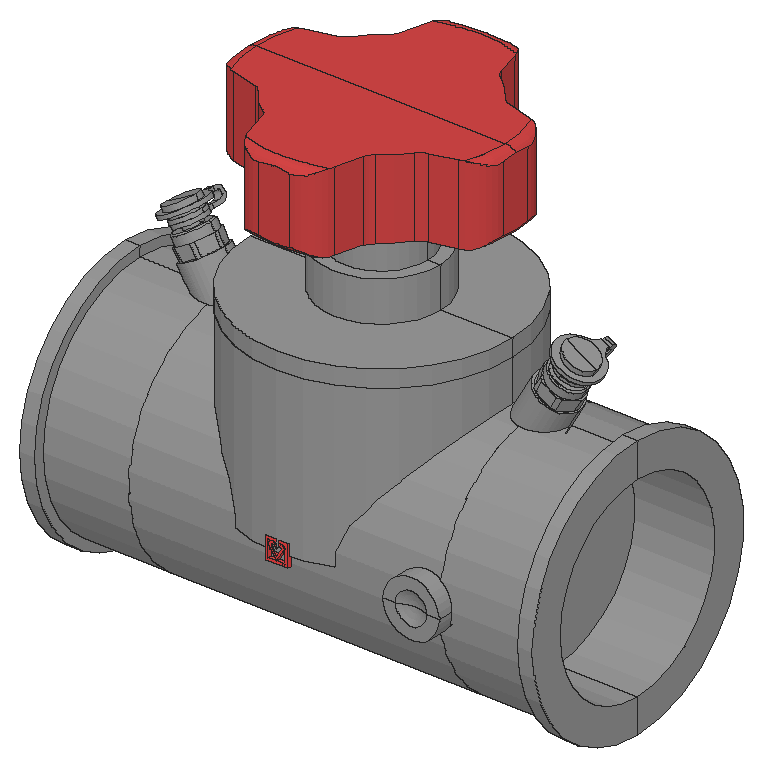
Revit family "HERZ Strömax клапан балансировочный с измерительными клапанами 4217 GM", category Rohrzubehör, Revit 2020
Family settings
  Bemaßung runder Anschluss = Durchmesser verwenden
  Teiletyp = Unterbricht
  OmniClass-Nummer = 23.65.55.14
  OmniClass-Titel = Valves for Liquid Services
  Arbeitsebenenbasiert = Nein
  Immer vertikal = Ja
  Beim Laden mit Abzugskörper schneiden = Nein
  Gemeinsam genutzt = Nein
Parameters
  Среда = "Качество теплоносителя в соответствии с ÖNORM H5195 и VDI 2035.\r\nДопускается использование этилен- и пропиленгликоля в соотношении 25-50% с водой."
  Положение клапана при монтаже = "Неподнимающийся шпиндель, расположенный перпендикулярно оси клапана, обеспечивает доступность и лёгкость в обслуживании в любом монтажном положении."
  Область применения = "Балансировочные клапаны применяются для гидравлической балансировки систем отопления и охлаждения, регулировки магистральных трубопроводов, стояков, теплообменников, регистров отопления и охлаждения."
  Номер заказа [instance] = size_lookup("4217_GM_", "Artnr", 0, Nennweite)  # 1421708
  Макс. рабочее давление = 1600000.0 Pa  # constant formula
  Макс. рабочая температура (с DN40) = 110 °C  # constant formula
  Макс. рабочая температура (до DN32) = 130 °C  # constant formula
  Корпус = "латунь, устойчивая к селективной цинковой коррозии"  # constant formula
  Исполнение = "STRÖMAX-GM Балансировочный клапан с измерительными клапанами, 1/2′′ – 3′′.\r\nИсполнение с прямым невыдвижным шпинделем, муфта х муфта, латунный корпус без покрытия, уплотнение шпинделя двойным кольцевым уплотнением O-Ring, преднастройка посредством ограничения хода внутреннего шпинделя, цифровые показания степени настройки отображаются в окне маховика.\r\nДва измерительных клапана расположены рядом с маховиком."
  Измерение перепада давления = "Клапаны STRÖMAX-GM оснащен двумя измерительными клапанами:\r\nс помощью измерительного прибора можно измерить перепад давления и по нему определить текущий расход в зависимости от степени преднастройки.\r\nHERZ Измерительный компьютер (1 8900 05) позволяет напрямую считывать расход (см. руководство к измерительным приборам)."
  kvs-значения [instance] = if(Nennweite = 15.00 mm, 6.05, if(Nennweite = 20.00 mm, 6.11, if(Nennweite = 25.00 mm, 9.22, if(Nennweite = 32.00 mm, 18.83, if(Nennweite = 40.00 mm, 23.29, if(Nennweite = 50.00 mm, 35.26, if(Nennweite = 65.00 mm, 52.11, if(Nennweite = 80.00 mm, 76.1, 0))))))))  # 76.1
  W02 = 60.00°  # constant formula
  W01 = 30.00°  # constant formula
  Vorgabe-Ansicht = 0.00 mm
  URL = "www.herz-armaturen.ru"
  SC_NennweiteBerechnet = 0
  SC_Dimension = ""
  SCRNSEQ = "ARM;ARM_TYP=\"STRV\";2"
  SCRNCODE = "05;07;02"  # constant formula
  S02 = 60.00 mm  # constant formula
  S01 [instance] = H00 + H01  # 119.31 mm
  R01 [instance] = size_lookup("4217_GM_", "R1", 1.00 mm, Nennweite)  # 53.00 mm
  Nennweite [instance] = 80.00 mm
  ML02 [instance] = size_lookup("4217_GM_", "ML2", 1.00 mm, Nennweite)  # 70.50 mm
  ML01 [instance] = size_lookup("4217_GM_", "ML1", 1.00 mm, Nennweite)  # 37.35 mm
  MD01 = 9.50 mm  # constant formula
  L02 [instance] = size_lookup("4217_GM_", "L2", 1.00 mm, Nennweite)  # 6.00 mm
  L01 [instance] = size_lookup("4217_GM_", "L1", 1.00 mm, Nennweite)  # 41.30 mm
  L00 [instance] = size_lookup("4217_GM_", "L", 1.00 mm, Nennweite)  # 210.00 mm
  IG [instance] = Nennweite / 2  # 40.00 mm
  Hersteller = "HERZ Armaturen Ges.m.b.H."  # constant formula
  H04 [instance] = size_lookup("4217_GM_", "H4", 1.00 mm, Nennweite)  # 19.00 mm
  H03 = 10.00 mm  # constant formula
  H02 [instance] = size_lookup("4217_GM_", "H2", 1.00 mm, Nennweite)  # 7.00 mm
  H01 [instance] = size_lookup("4217_GM_", "H1", 1.00 mm, Nennweite)  # 52.60 mm
  H00 [instance] = size_lookup("4217_GM_", "H", 1.00 mm, Nennweite)  # 66.71 mm
  Вес [instance] = if(Nennweite = 15.00 mm, "0.85 kg", if(Nennweite = 20.00 mm, "1.22 kg", if(Nennweite = 25.00 mm, "1.55 kg", if(Nennweite = 32.00 mm, "1.88 kg", if(Nennweite = 40.00 mm, "2.34 kg", if(Nennweite = 50.00 mm, "3.74 kg", if(Nennweite = 65.00 mm, "5.23 kg", if(Nennweite = 80.00 mm, "6.97 kg", "0 kg"))))))))  # "6.97 kg"
  GT [instance] = size_lookup("4217_GM_", "GT", 1.00 mm, Nennweite)  # 33.30 mm
  DN80 [instance] = Nennweite = 80.00 mm  # yes
  DN65 [instance] = Nennweite = 65.00 mm  # no
  DN50_DN80 [instance] = or(Nennweite = 50.00 mm, Nennweite = 65.00 mm, Nennweite = 80.00 mm)  # yes
  DN50-DN80 [instance] = H00 + H01  # 119.31 mm
  DN50 [instance] = Nennweite = 50.00 mm  # no
  DN40 [instance] = Nennweite = 40.00 mm  # no
  DN32 [instance] = Nennweite = 32.00 mm  # no
  DN25 [instance] = Nennweite = 25.00 mm  # no
  DN20 [instance] = Nennweite = 20.00 mm  # no
  DN15_DN40 [instance] = or(Nennweite = 15.00 mm, Nennweite = 20.00 mm, Nennweite = 25.00 mm, Nennweite = 32.00 mm, Nennweite = 40.00 mm)  # no
  DN15-DN40 [instance] = H00 + H01  # 119.31 mm
  DN15 [instance] = Nennweite = 15.00 mm  # no
  D06 [instance] = size_lookup("4217_GM_", "D6", 1.00 mm, Nennweite)  # 24.30 mm
  D05 [instance] = size_lookup("4217_GM_", "D5", 1.00 mm, Nennweite)  # 19.00 mm
  D04 = 9.00 mm  # constant formula
  D03 [instance] = size_lookup("4217_GM_", "D3", 1.00 mm, Nennweite)  # 53.80 mm
  D02 [instance] = size_lookup("4217_GM_", "D2", 1.00 mm, Nennweite)  # 54.00 mm
  D01 [instance] = size_lookup("4217_GM_", "D1", 1.00 mm, Nennweite)  # 50.00 mm
Reference planes
  plane 1 "Mitte (Vorne/hinten)": y = 0
  plane 2: z = 0
  plane 3 "Mitte (Links/rechts)": x = 0
Forms (mm)
  Revolve 1, solid, material "Messing, weicher Gelbton, geschweißt", detail levels fine
    sketch origin (0, 0, 0) x (1, 0, 0) y (0, 0, 1)
      loop
        line (-105, 54) -> (-105, 40) -> (-71.7, 40) -> (-71.7, 0) -> (71.7, 0) -> (71.7, 40) -> (105, 40) -> (105, 54) -> (99, 54) -> (99, 50) -> (63.7, 50)
        arc (63.7, 50) -> (0, 53) -> (-63.7, 50) r 677.782
        line (-63.7, 50) -> (-99, 50) -> (-99, 54) -> (-105, 54)
      axis (-105, 0) -> (105, 0)
    angle from 0 to 360
  Revolve 2, solid, material "Messing, weicher Gelbton, geschweißt", detail levels fine
    sketch origin (0, 0, 0) x (1, 0, 0) y (0, 0, 1)
      loop
        line (37.35, 0) -> (72.6, 61.055) -> (64.373, 65.805) -> (29.123, 4.75) -> (37.35, 0)
      axis (37.35, 0) -> (72.6, 61.055)
    angle from 0 to 360
  Revolve 3, solid, material "Messing, weicher Gelbton, geschweißt", detail levels fine
    sketch origin (0, 0, 0) x (1, 0, 0) y (0, 0, 1)
      loop
        line (0, 0) -> (0, 66.71) -> (-53.8, 66.71) -> (-53.8, 0) -> (0, 0)
      axis (0, 66.71) -> (0, 0)
    angle from 0 to 360
  Revolve 4, solid, material "Messing, weicher Gelbton, geschweißt", detail levels fine
    sketch origin (0, 0, 0) x (-1, 0, 0) y (0, 0, 1)
      loop
        line (37.35, 0) -> (72.6, 61.055) -> (64.373, 65.805) -> (29.123, 4.75) -> (37.35, 0)
      axis (37.35, 0) -> (72.6, 61.055)
    angle from 0 to 360
  Revolve 5, solid, material "Messing, weicher Gelbton, geschweißt", visible <- "DN65", detail levels fine
    sketch origin (0, 0, 0) x (1, 0, 0) y (0, 1, 0)
      loop
        line (60, 47.945) -> (60, -47.945)
        arc (60, -47.945) -> (63.368, -48.598) -> (66.5, -50) r 15
        line (66.5, -50) -> (71.5, -50) -> (71.5, 50) -> (66.5, 50)
        arc (66.5, 50) -> (63.368, 48.598) -> (60, 47.945) r 15
      axis (60, 50) -> (60, -50)
    angle from 0 to 360
  Revolve 6, solid, material "Messing, weicher Gelbton, geschweißt", detail levels fine
    sketch origin (0, 0, 0) x (1, 0, 0) y (0, 0, 1)
      loop
        line (0, 66.71) -> (0, 119.31) -> (-9, 119.31) -> (-9, 109.31) -> (-19, 109.31) -> (-19, 90.31) -> (-24.3, 90.31) -> (-24.3, 73.71) -> (-53.8, 73.71) -> (-53.8, 66.71) -> (0, 66.71)
      axis (0, 119.31) -> (0, 66.71)
    angle from 0 to 360
  Revolve 7, solid, material "Messing, weicher Gelbton, geschweißt", visible <- "DN80", detail levels fine
    sketch origin (0, 0, 0) x (1, 0, 0) y (0, 1, 0)
      loop
        line (57, 53.945) -> (57, -53.945)
        arc (57, -53.945) -> (60.368, -54.598) -> (63.5, -56) r 15
        line (63.5, -56) -> (68.5, -56) -> (68.5, 56) -> (63.5, 56)
        arc (63.5, 56) -> (60.368, 54.598) -> (57, 53.945) r 15
      axis (57, 56) -> (57, -56)
    angle from 0 to 360
Lines and regions (mm)
  model lines, detail levels coarse+medium
    curve 1: line (-105, 0, 54) -> (-105, 0, -54)
    curve 2: line (-105, 0, -54) -> (105, 0, 54)
    curve 3: line (105, 0, 54) -> (105, 0, -54)
    curve 4: line (105, 0, -54) -> (-105, 0, 54)
    curve 5: line (0, 0, 0) -> (68.884, 0, 119.31)
    curve 6: line (42.903, 0, 134.31) -> (94.864, 0, 104.31)
    curve 7: line (-105, 54, 0) -> (-105, -54, 0)
    curve 8: line (-105, -54, 0) -> (105, 54, 0)
    curve 9: line (105, 54, 0) -> (105, -54, 0)
    curve 10: line (105, -54, 0) -> (-105, 54, 0)
    curve 11: line (0, 0, 0) -> (68.884, 119.31, 0)
    curve 12: line (42.903, 134.31, 0) -> (94.864, 104.31, 0)
Dimensions and locks
  "IG": Revolve 1 sketch curve to plane 2
  "GT": Revolve 1 sketch curve to Revolve 1 sketch curve  (x2)
  "IG": Revolve 1 sketch curve to Revolve 1 sketch curve
  "D01": Revolve 1 sketch curve to Revolve 1 sketch curve  (x2)
  "R01": Revolve 1 sketch curve to Revolve 1 sketch curve
  "L02": Revolve 1 sketch curve to Revolve 1 sketch curve  (x2)
  "L01": Revolve 1 sketch curve to Revolve 1 sketch curve  (x2)
  "D02": Revolve 1 sketch curve to plane 2  (x2)
  equal spacing: Revolve 1 sketch curve, plane 3 "Mitte (Links/rechts)", Revolve 1 sketch curve
  "L00": Revolve 1 sketch curve to Revolve 1 sketch curve
  "R01": nested 1 to plane 1 "Mitte (Vorne/hinten)"
  "ML01": Revolve 2 sketch curve to plane 3 "Mitte (Links/rechts)"
  "H00": Revolve 3 sketch curve to plane 2
  "D03": Revolve 3 sketch curve to Revolve 3 sketch curve
  "ML02": Revolve 2 sketch curve to Revolve 2 sketch curve
  "MD01": Revolve 2 sketch curve to Revolve 2 sketch curve  (x2)
  "ML02": Revolve 4 sketch curve to Revolve 4 sketch curve
  "MD01": Revolve 4 sketch curve to Revolve 4 sketch curve  (x2)
  "ML01": plane 3 "Mitte (Links/rechts)" to Revolve 4 sketch curve
  Revolve 5 sketch curve to Revolve 1 = 45.00 mm
  Revolve 5 sketch curve to Revolve 5 sketch curve = 11.50 mm  (x2)
  Revolve 5 sketch curve to plane 1 "Mitte (Vorne/hinten)" to Revolve 5 sketch curve = 50.00 mm, 50.00 mm
  "H00": Revolve 6 sketch curve to plane 2
  "H01": Revolve 6 sketch curve to Revolve 6 sketch curve
  "D04": Revolve 6 sketch curve to Revolve 6 sketch curve
  "D03": Revolve 6 sketch curve to Revolve 6 sketch curve
  "D05": Revolve 6 sketch curve to Revolve 6 sketch curve
  "D06": Revolve 6 sketch curve to Revolve 6 sketch curve
  "H02": Revolve 6 sketch curve to Revolve 6 sketch curve
  "H03": Revolve 6 sketch curve to Revolve 6 sketch curve
  "H04": Revolve 6 sketch curve to Revolve 6 sketch curve
  Revolve 7 sketch curve to Revolve 1 = 48.00 mm
  Revolve 7 sketch curve to Revolve 7 sketch curve = 11.50 mm  (x2)
  Revolve 7 sketch curve to plane 1 "Mitte (Vorne/hinten)" to Revolve 7 sketch curve = 56.00 mm, 56.00 mm
  "DN15-DN40": nested 2 to plane 2
  "DN50-DN80": nested 3 to plane 2
  "D02": curve 4 to plane 2 to curve 2
  "D02": curve 3 to plane 2 to curve 4
  equal spacing: curve 1, plane 3 "Mitte (Links/rechts)", curve 3
  "L00": curve 1 to curve 3
  equal spacing: Revolve 1, curve 5, Revolve 1
  "S01": curve 5 to plane 2
  equal spacing: curve 6, curve 5, curve 6
  "S02": curve 6 to curve 6
  "D02": curve 8 to plane 1 "Mitte (Vorne/hinten)" to curve 10
  "D02": curve 10 to plane 1 "Mitte (Vorne/hinten)" to curve 9
  equal spacing: curve 7, plane 3 "Mitte (Links/rechts)", curve 9
  "L00": curve 7 to curve 9
  equal spacing: curve 7, curve 11, curve 9
  "S01": plane 1 "Mitte (Vorne/hinten)" to curve 11
  equal spacing: curve 12, curve 11, curve 12
  "S02": curve 12 to curve 12
  radius of Revolve 5 sketch curve = 15.00 mm  (x2)
  radius of Revolve 7 sketch curve = 15.00 mm  (x2)
  "W01": angle Revolve 2 sketch curve to plane 3 "Mitte (Links/rechts)"  (x2)
  "W01": angle plane 3 "Mitte (Links/rechts)" to Revolve 4 sketch curve  (x2)
  "W02": angle plane 2 to curve 5
  "W02": angle plane 1 "Mitte (Vorne/hinten)" to curve 11
  aligned and locked: level to plane 2
Automatic sketch dimensions
  Revolve 5 sketch curve to Revolve 5 sketch curve = 1.153 mm  (x2)
  Revolve 5 sketch curve to Revolve 5 sketch curve = 5.00 mm  (x2)
  Revolve 5 sketch curve to Revolve 5 sketch curve = 2.854 mm  (x2)
  Revolve 7 sketch curve to Revolve 7 sketch curve = 1.153 mm  (x2)
  Revolve 7 sketch curve to Revolve 7 sketch curve = 5.00 mm  (x2)
  Revolve 7 sketch curve to Revolve 7 sketch curve = 8.854 mm  (x2)
  Revolve 1 sketch curve to level = 0.00 mm  (x2)
  Revolve 1 sketch curve to Revolve 1 sketch curve = 1429.986 mm
  Revolve 1 sketch curve to Revolve 1 sketch curve = 1762.604 mm
  Revolve 2 sketch curve to level = 0.00 mm  (x2)
  Revolve 3 sketch curve to level = 0.00 mm
  Revolve 3 sketch curve to plane 3 "Mitte (Links/rechts)" = 0.00 mm  (x2)
  Revolve 3 sketch curve to Revolve 3 sketch curve = 366.045 mm
  Revolve 3 sketch curve to Revolve 3 sketch curve = 2179.415 mm
  Revolve 4 sketch curve to level = 0.00 mm  (x2)
  Revolve 6 sketch curve to plane 3 "Mitte (Links/rechts)" = 0.00 mm  (x2)
  Revolve 6 sketch curve to level = 366.045 mm
  Revolve 6 sketch curve to Revolve 6 sketch curve = 2146.115 mm
Nested families
  nested 1: "Herz-Logo-vorne" at (0, -53, 0) x (0, 1, 0) z (0, 0, 1), type "Herz-Logo-vorne", detail levels fine
  nested 2: "Strangregulierventil-Handrad-Gerade (Rot) DN15-DN40" at (0, 0, 119.31), visible <- "DN15_DN40", type "Strangregulierventil-Handrad-Gerade (Rot) DN15-DN40", detail levels fine
    with Nennweite 0.00 mm, Gewicht 0.00 kg, Bestellnummer 0
  nested 3: "Strangregulierventil-Handrad-Gerade (Rot) DN50-DN80" at (0, 0, 119.31), visible <- "DN50_DN80", type "Strangregulierventil-Handrad-Gerade (Rot) DN50-DN80", detail levels fine
    with Nennweite 0.00 mm, Gewicht 0.00 kg, Bestellnummer 0
  nested 4: "Messstutzen_Band_Austritt_30Grad_(oben)" at (47.24, 0, 34.901), visible <- "DN50", type "Messstutzen_Band_Austritt_30Grad_(oben)", detail levels fine
    with Schutzkappe yes, Nennweite 0.00 mm, Gewicht 0.00 kg, Bestellnummer 0
  nested 5: "Messstutzen_Band_Eintritt_30Grad_(oben)" at (-47.24, 0, 34.901) x (-1, 0, 0) z (0, 0, 1), visible <- "DN50", type "Messstutzen_Band_Eintritt_30Grad_(oben)", detail levels fine
    with Schutzkappe yes, Nennweite 0.00 mm, Gewicht 0.00 kg, Bestellnummer 0
  nested 6: "Messstutzen_Band_Austritt_30Grad_(oben)" at (27.02, 0, 10.999), visible <- "DN15", type "Messstutzen_Band_Austritt_30Grad_(oben)", detail levels fine
    with Schutzkappe yes, Nennweite 0.00 mm, Gewicht 0.00 kg, Bestellnummer 0
  nested 7: "Messstutzen_Band_Eintritt_30Grad_(oben)" at (-27.02, 0, 10.999) x (-1, 0, 0) z (0, 0, 1), visible <- "DN15", type "Messstutzen_Band_Eintritt_30Grad_(oben)", detail levels fine
    with Schutzkappe yes, Nennweite 0.00 mm, Gewicht 0.00 kg, Bestellnummer 0
  nested 8: "Messstutzen_Band_Eintritt_30Grad_(oben)" at (-24.855, 0, 13.553) x (-1, 0, 0) z (0, 0, 1), visible <- "DN20", type "Messstutzen_Band_Eintritt_30Grad_(oben)", detail levels fine
    with Schutzkappe yes, Nennweite 0.00 mm, Gewicht 0.00 kg, Bestellnummer 0
  nested 9: "Messstutzen_Band_Austritt_30Grad_(oben)" at (24.855, 0, 13.553), visible <- "DN20", type "Messstutzen_Band_Austritt_30Grad_(oben)", detail levels fine
    with Schutzkappe yes, Nennweite 0.00 mm, Gewicht 0.00 kg, Bestellnummer 0
  nested 10: "Messstutzen_Band_Eintritt_30Grad_(oben)" at (-29.265, 0, 17.883) x (-1, 0, 0) z (0, 0, 1), visible <- "DN25", type "Messstutzen_Band_Eintritt_30Grad_(oben)", detail levels fine
    with Schutzkappe yes, Nennweite 0.00 mm, Gewicht 0.00 kg, Bestellnummer 0
  nested 11: "Messstutzen_Band_Austritt_30Grad_(oben)" at (29.265, 0, 17.883), visible <- "DN25", type "Messstutzen_Band_Austritt_30Grad_(oben)", detail levels fine
    with Schutzkappe yes, Nennweite 0.00 mm, Gewicht 0.00 kg, Bestellnummer 0
  nested 12: "Messstutzen_Band_Eintritt_30Grad_(oben)" at (-37.74, 0, 24.595) x (-1, 0, 0) z (0, 0, 1), visible <- "DN32", type "Messstutzen_Band_Eintritt_30Grad_(oben)", detail levels fine
    with Schutzkappe yes, Nennweite 0.00 mm, Gewicht 0.00 kg, Bestellnummer 0
  nested 13: "Messstutzen_Band_Austritt_30Grad_(oben)" at (37.74, 0, 24.595), visible <- "DN32", type "Messstutzen_Band_Austritt_30Grad_(oben)", detail levels fine
    with Schutzkappe yes, Nennweite 0.00 mm, Gewicht 0.00 kg, Bestellnummer 0
  nested 14: "Messstutzen_Band_Eintritt_30Grad_(oben)" at (-42.8, 0, 28.665) x (-1, 0, 0) z (0, 0, 1), visible <- "DN40", type "Messstutzen_Band_Eintritt_30Grad_(oben)", detail levels fine
    with Schutzkappe yes, Nennweite 0.00 mm, Gewicht 0.00 kg, Bestellnummer 0
  nested 15: "Messstutzen_Band_Austritt_30Grad_(oben)" at (42.8, 0, 28.665), visible <- "DN40", type "Messstutzen_Band_Austritt_30Grad_(oben)", detail levels fine
    with Schutzkappe yes, Nennweite 0.00 mm, Gewicht 0.00 kg, Bestellnummer 0
  nested 16: "Messstutzen_Band_Eintritt_30Grad_(oben)" at (-54.5, 0, 38.105) x (-1, 0, 0) z (0, 0, 1), visible <- "DN65", type "Messstutzen_Band_Eintritt_30Grad_(oben)", detail levels fine
    with Schutzkappe yes, Nennweite 0.00 mm, Gewicht 0.00 kg, Bestellnummer 0
  nested 17: "Messstutzen_Band_Austritt_30Grad_(oben)" at (54.5, 0, 38.105), visible <- "DN65", type "Messstutzen_Band_Austritt_30Grad_(oben)", detail levels fine
    with Schutzkappe yes, Nennweite 0.00 mm, Gewicht 0.00 kg, Bestellnummer 0
  nested 18: "Messstutzen_Band_Eintritt_30Grad_(oben)" at (-63.85, 0, 45.899) x (-1, 0, 0) z (0, 0, 1), visible <- "DN80", type "Messstutzen_Band_Eintritt_30Grad_(oben)", detail levels fine
    with Schutzkappe yes, Nennweite 0.00 mm, Gewicht 0.00 kg, Bestellnummer 0
  nested 19: "Messstutzen_Band_Austritt_30Grad_(oben)" at (63.85, 0, 45.899), visible <- "DN80", type "Messstutzen_Band_Austritt_30Grad_(oben)", detail levels fine
    with Schutzkappe yes, Nennweite 0.00 mm, Gewicht 0.00 kg, Bestellnummer 0
Connectors
  piping at (-71.7, 0, 0), diameter 80, driven by "Nennweite"
    settings: on Revolve 1, index 1, connector inside diameter 609.6 mm, connector length 0.00 mm, flow factor 0, pipe flow 0.0 L/s, pressure drop 0.0 Pa, fitting loss kfactor 0, connector angle 0.00°, fixture units 0, engagement length 0.00 mm, angle of deflection 0.00°, flow configuration 0, flow direction 1, fitting loss method 0, system type 29, joint type 0, gender type 0, connector reference index -1, connector utility 0, adjustable connector no, is connector primary yes, connector description ""
  piping at (71.7, 0, 0), diameter 80, driven by "Nennweite"
    settings: on Revolve 1, index 2, connector inside diameter 609.6 mm, connector length 0.00 mm, flow factor 0, pipe flow 0.0 L/s, pressure drop 0.0 Pa, fitting loss kfactor 0, connector angle 0.00°, fixture units 0, engagement length 0.00 mm, angle of deflection 0.00°, flow configuration 0, flow direction 2, fitting loss method 0, system type 29, joint type 0, gender type 0, connector reference index -1, connector utility 0, adjustable connector no, is connector primary no, connector description ""
Definition of nested family "Herz-Logo-vorne"
  Parameters (values of type "Herz-Logo-vorne")
    Default Elevation = 0.00 mm
  Reference planes
    plane 1 "Mitte (Vorne/hinten)": y = 0
    plane 2: z = 0
    plane 3 "Mitte (Links/rechts)": x = 0
  Forms (mm)
    Extrusion 1, solid
      sketch origin (0.732, -0.018, 0.017) x (0, -1, 0) y (0, 0, 1)
        loop
          line (-0.018, -4.517) -> (4.482, -4.517) -> (4.482, 4.483) -> (-4.518, 4.483) -> (-4.518, -4.517) -> (-0.018, -4.517)
        loop
          line (-0.05, -3.48) -> (3.482, -3.48) -> (3.482, 3.483) -> (-3.518, 3.483) -> (-3.518, -3.48) -> (-0.05, -3.48)
        loop
          arc (-0.018, 2.383) -> (-1.543, 3.287) -> (-3.067, 2.383) r 1.738
          arc (-3.067, 2.383) -> (-3.191, 1.899) -> (-3.067, 1.415) r 1.009
          line (-3.067, 1.415) -> (-0.018, -3.281) -> (3.032, 1.415)
          arc (3.032, 1.415) -> (3.156, 1.899) -> (3.032, 2.383) r 1.009
          arc (3.032, 2.383) -> (1.507, 3.287) -> (-0.018, 2.383) r 1.738
        loop
          arc (1.885, 1.272) -> (2.005, 1.675) -> (1.885, 2.079) r 0.74
          arc (1.885, 2.079) -> (1.265, 2.416) -> (0.644, 2.079) r 0.74
          line (0.644, 2.079) -> (-0.018, 0.97) -> (-0.679, 2.079)
          arc (-0.679, 2.079) -> (-1.3, 2.416) -> (-1.921, 2.079) r 0.74
          arc (-1.921, 2.079) -> (-2.04, 1.675) -> (-1.921, 1.272) r 0.74
          line (-1.921, 1.272) -> (-0.018, -1.658) -> (1.885, 1.272)
      from 0 to 1.5
  Dimensions and locks
    aligned and locked: level to plane 2
Definition of nested family "Strangregulierventil-Handrad-Gerade (Rot) DN15-DN40"
  Parameters (values of type "Strangregulierventil-Handrad-Gerade (Rot) DN15-DN40")
    Default Elevation = 0.00 mm
    URL = "www.herz-armaturen.at"
    Nennweite [instance] = 0.00 mm
    Manufacturer = "Herz Armaturen GmbH"  # constant formula
    Gewicht [instance] = 0.00 kg
    Bestellnummer [instance] = 0
  Reference planes
    plane 1 "Mitte (Vorne/hinten)": y = 0
    plane 2: z = 0
    plane 3 "Mitte (Links/rechts)": x = 0
  Forms (mm)
    Revolve 1, solid, detail levels fine
      sketch origin (0, 0, 0) x (1, 0, 0) y (0, 0, 1)
        loop
          line (0, 0) -> (0, 24.95) -> (-30.992, 24.95)
          arc (-30.992, 24.95) -> (-34.37, 23.636) -> (-35.973, 20.386) r 5
          line (-35.973, 20.386) -> (-37, 8.65) -> (-35.986, -2.936)
          arc (-35.986, -2.936) -> (-34.383, -6.186) -> (-31.005, -7.5) r 5
          line (-31.005, -7.5) -> (-15, -7.5) -> (-15, 0) -> (0, 0)
        axis (0, 24.95) -> (0, -7.5)
      angle from 0 to 360
    Extrusion 2, void
      sketch origin (0, 0, 20.3) x (1, 0, 0) y (0, 1, 0)
        loop
          line (3.861, 35.5) -> (-3.861, 35.5)
          arc (-3.861, 35.5) -> (-8.731, 33.847) -> (-11.589, 29.571) r 8
          line (-11.589, 29.571) -> (-13.284, 23.245)
          arc (-13.284, 23.245) -> (-13.982, 21.722) -> (-15.144, 20.516) r 5
          arc (-15.144, 20.516) -> (-18.031, 18.031) -> (-20.516, 15.144) r 25.5
          arc (-20.516, 15.144) -> (-21.722, 13.982) -> (-23.245, 13.284) r 5
          line (-23.245, 13.284) -> (-29.571, 11.589)
          arc (-29.571, 11.589) -> (-33.847, 8.731) -> (-35.5, 3.861) r 8
          line (-35.5, 3.861) -> (-35.5, -3.861)
          arc (-35.5, -3.861) -> (-33.847, -8.731) -> (-29.571, -11.589) r 8
          line (-29.571, -11.589) -> (-23.245, -13.284)
          arc (-23.245, -13.284) -> (-21.722, -13.982) -> (-20.516, -15.144) r 5
          arc (-20.516, -15.144) -> (-18.031, -18.031) -> (-15.144, -20.516) r 25.5
          arc (-15.144, -20.516) -> (-13.982, -21.722) -> (-13.284, -23.245) r 5
          line (-13.284, -23.245) -> (-11.589, -29.571)
          arc (-11.589, -29.571) -> (-8.731, -33.847) -> (-3.861, -35.5) r 8
          line (-3.861, -35.5) -> (3.861, -35.5)
          arc (3.861, -35.5) -> (8.731, -33.847) -> (11.589, -29.571) r 8
          line (11.589, -29.571) -> (13.284, -23.245)
          arc (13.284, -23.245) -> (13.982, -21.722) -> (15.144, -20.516) r 5
          arc (15.144, -20.516) -> (18.031, -18.031) -> (20.516, -15.144) r 25.5
          arc (20.516, -15.144) -> (21.722, -13.982) -> (23.245, -13.284) r 5
          line (23.245, -13.284) -> (29.571, -11.589)
          arc (29.571, -11.589) -> (33.847, -8.731) -> (35.5, -3.861) r 8
          line (35.5, -3.861) -> (35.5, 3.861)
          arc (35.5, 3.861) -> (33.847, 8.731) -> (29.571, 11.589) r 8
          line (29.571, 11.589) -> (23.245, 13.284)
          arc (23.245, 13.284) -> (21.722, 13.982) -> (20.516, 15.144) r 5
          arc (20.516, 15.144) -> (18.031, 18.031) -> (15.144, 20.516) r 25.5
          arc (15.144, 20.516) -> (13.982, 21.722) -> (13.284, 23.245) r 5
          line (13.284, 23.245) -> (11.589, 29.571)
          arc (11.589, 29.571) -> (8.731, 33.847) -> (3.861, 35.5) r 8
        loop
          circle (0, 0) r 38
      from -31.266 to 7.923
  Cuts and joins
    Extrusion 2 cuts Revolve 1
  Dimensions and locks
    Revolve 1 sketch curve to Revolve 1 sketch curve = 15.00 mm
    Revolve 1 sketch curve to Revolve 1 sketch curve = 16.15 mm
    Revolve 1 sketch curve to Revolve 1 sketch curve = 16.30 mm
    angle Revolve 1 sketch curve to Revolve 1 sketch curve = 95.00°
    aligned and locked: level to plane 2
Definition of nested family "Strangregulierventil-Handrad-Gerade (Rot) DN50-DN80"
  Parameters (values of type "Strangregulierventil-Handrad-Gerade (Rot) DN50-DN80")
    Default Elevation = 0.00 mm
    URL = "www.herz-armaturen.at"
    Nennweite [instance] = 0.00 mm
    Manufacturer = "Herz Armaturen GmbH"  # constant formula
    Gewicht [instance] = 0.00 kg
    Bestellnummer [instance] = 0
  Reference planes
    plane 1 "Mitte (Vorne/hinten)": y = 0
    plane 2: z = 0
    plane 3 "Mitte (Links/rechts)": x = 0
  Forms (mm)
    Revolve 1, solid, detail levels fine
      sketch origin (0, 0, 0) x (1, 0, 0) y (0, 0, 1)
        loop
          line (0, 0) -> (0, 24.95) -> (-50.992, 24.95)
          arc (-50.992, 24.95) -> (-54.37, 23.636) -> (-55.973, 20.386) r 5
          line (-55.973, 20.386) -> (-57, 8.65) -> (-55.986, -2.936)
          arc (-55.986, -2.936) -> (-54.383, -6.186) -> (-51.005, -7.5) r 5
          line (-51.005, -7.5) -> (-15, -7.5) -> (-15, 0) -> (0, 0)
        axis (0, 24.95) -> (0, -7.5)
      angle from 0 to 360
    Extrusion 2, void
      sketch origin (0, 0, 20.3) x (1, 0, 0) y (0, 1, 0)
        loop
          line (-55, 6.292) -> (-55, -6.292)
          arc (-55, -6.292) -> (-52.52, -13.597) -> (-46.106, -17.883) r 12
          line (-46.106, -17.883) -> (-35.399, -20.752)
          arc (-35.399, -20.752) -> (-33.541, -21.612) -> (-32.08, -23.047) r 6
          arc (-32.08, -23.047) -> (-27.931, -27.931) -> (-23.047, -32.08) r 39.5
          arc (-23.047, -32.08) -> (-21.612, -33.541) -> (-20.752, -35.399) r 6
          line (-20.752, -35.399) -> (-17.883, -46.106)
          arc (-17.883, -46.106) -> (-13.597, -52.52) -> (-6.292, -55) r 12
          line (-6.292, -55) -> (6.292, -55)
          arc (6.292, -55) -> (13.597, -52.52) -> (17.883, -46.106) r 12
          line (17.883, -46.106) -> (20.752, -35.399)
          arc (20.752, -35.399) -> (21.612, -33.541) -> (23.047, -32.08) r 6
          arc (23.047, -32.08) -> (27.931, -27.931) -> (32.08, -23.047) r 39.5
          arc (32.08, -23.047) -> (33.541, -21.612) -> (35.399, -20.752) r 6
          line (35.399, -20.752) -> (46.106, -17.883)
          arc (46.106, -17.883) -> (52.52, -13.597) -> (55, -6.292) r 12
          line (55, -6.292) -> (55, 6.292)
          arc (55, 6.292) -> (52.52, 13.597) -> (46.106, 17.883) r 12
          line (46.106, 17.883) -> (35.399, 20.752)
          arc (35.399, 20.752) -> (33.541, 21.612) -> (32.08, 23.047) r 6
          arc (32.08, 23.047) -> (27.931, 27.931) -> (23.047, 32.08) r 39.5
          arc (23.047, 32.08) -> (21.612, 33.541) -> (20.752, 35.399) r 6
          line (20.752, 35.399) -> (17.883, 46.106)
          arc (17.883, 46.106) -> (13.597, 52.52) -> (6.292, 55) r 12
          line (6.292, 55) -> (-6.292, 55)
          arc (-6.292, 55) -> (-13.597, 52.52) -> (-17.883, 46.106) r 12
          line (-17.883, 46.106) -> (-20.752, 35.399)
          arc (-20.752, 35.399) -> (-21.612, 33.541) -> (-23.047, 32.08) r 6
          arc (-23.047, 32.08) -> (-27.931, 27.931) -> (-32.08, 23.047) r 39.5
          arc (-32.08, 23.047) -> (-33.541, 21.612) -> (-35.399, 20.752) r 6
          line (-35.399, 20.752) -> (-46.106, 17.883)
          arc (-46.106, 17.883) -> (-52.52, 13.597) -> (-55, 6.292) r 12
        loop
          circle (0, 0) r 60
      from -31.161 to 7.489
  Cuts and joins
    Extrusion 2 cuts Revolve 1
  Dimensions and locks
    Revolve 1 sketch curve to Revolve 1 sketch curve = 15.00 mm
    Revolve 1 sketch curve to Revolve 1 sketch curve = 16.15 mm
    Revolve 1 sketch curve to Revolve 1 sketch curve = 16.30 mm
    Revolve 1 sketch curve to Revolve 1 sketch curve = 57.00 mm
    angle Revolve 1 sketch curve to Revolve 1 sketch curve = 95.00°
    aligned and locked: level to plane 2
Definition of nested family "Messstutzen_Band_Austritt_30Grad_(oben)"
  Parameters (values of type "Messstutzen_Band_Austritt_30Grad_(oben)")
    Default Elevation = 0.00 mm
    URL = "www.herz-armaturen.at"
    Schutzkappe [instance] = yes
    Nennweite [instance] = 0.00 mm
    Manufacturer = "Herz Armaturen GmbH"  # constant formula
    Gewicht [instance] = 0.00 kg
    Bestellnummer [instance] = 0
  Reference planes
    plane 1 "Mitte (Vorne/hinten)": y = 0
    plane 2: z = 0
    plane 3 "Mitte (Links/rechts)": x = 0
  Forms (mm)
    Revolve 1, solid, detail levels fine
      sketch origin (0, 0, 0) x (0.866025, 0, -0.5) y (0.5, 0, 0.866025)
        loop
          line (-7.4, 9) -> (-5.55, 9) -> (-5.55, 6)
          arc (-5.55, 6) -> (-5.626, 5.617) -> (-5.843, 5.293) r 1
          line (-5.843, 5.293) -> (-6.455, 4.681) -> (-6.455, 0.9) -> (-5.555, 0) -> (-2, 0) -> (-2, 17.5) -> (-8.4, 17.5)
          arc (-8.4, 17.5) -> (-7.693, 17.207) -> (-7.4, 16.5) r 1
          line (-7.4, 16.5) -> (-7.4, 9)
        loop
          line (-3.7, 27) -> (-7.3, 27) -> (-7.9, 26.4) -> (-7.9, 23) -> (-2, 23) -> (-2, 35.8) -> (-3.805, 35.8) -> (-4.415, 35.19) -> (-4.415, 30.863) -> (-3.7, 30.45) -> (-3.7, 27)
        axis (0, 0) -> (0, 35.8)
      angle from 0 to 360
    Extrusion 2, solid, detail levels fine
      sketch origin (8.75, 0, 15.155) x (0, 1, 0) y (-0.866025, 0, 0.5)
        loop
          arc (-7.07, 5.156) -> (-7.578, 4.375) -> (-8, 3.544) r 8.75
          line (-8, 3.544) -> (-8, -3.544)
          arc (-8, -3.544) -> (-7.578, -4.375) -> (-7.07, -5.156) r 8.75
          line (-7.07, -5.156) -> (-0.93, -8.7)
          arc (-0.93, -8.7) -> (0, -8.75) -> (0.93, -8.7) r 8.75
          line (0.93, -8.7) -> (7.07, -5.156)
          arc (7.07, -5.156) -> (7.578, -4.375) -> (8, -3.544) r 8.75
          line (8, -3.544) -> (8, 3.544)
          arc (8, 3.544) -> (7.578, 4.375) -> (7.07, 5.156) r 8.75
          line (7.07, 5.156) -> (0.93, 8.7)
          arc (0.93, 8.7) -> (0, 8.75) -> (-0.93, 8.7) r 8.75
          line (-0.93, 8.7) -> (-7.07, 5.156)
      from 0 to 5.5
    Revolve 3, solid, visible <- "Schutzkappe", detail levels fine
      sketch origin (0, 0, 0) x (0.866025, 0, -0.5) y (0.5, 0, 0.866025)
        loop
          line (0, 35.878) -> (0, 36.678) -> (-7, 36.678) -> (-7, 33.378) -> (-6.1, 33.378) -> (-6.1, 31.678) -> (-6.9, 31.678) -> (-6.9, 30.178) -> (-4.415, 30.178) -> (-4.415, 35.268) -> (-3.805, 35.878) -> (0, 35.878)
        axis (0, 30.178) -> (0, 36.678)
      angle from 0 to 360
    Extrusion 4, solid, detail levels fine
      sketch origin (14.25, 0, 24.682) x (0, 1, 0) y (0.866025, 0, -0.5)
        loop
          circle (0, 0) r 3.7
        loop
          arc (5.505, -3.906) -> (7.288, -2.358) -> (9.582, -1.8) r 5
          line (9.582, -1.8) -> (9.582, 1.8)
          arc (9.582, 1.8) -> (7.288, 2.358) -> (5.505, 3.906) r 5
          arc (5.505, 3.906) -> (-6.75, 0) -> (5.505, -3.906) r 6.75
      from 0 to -1.5
    Extrusion 5, solid, detail levels fine
      sketch origin (16.589, 0, 28.733) x (0, 1, 0) y (0.866025, 0, -0.5)
        loop
          circle (0, 0) r 6.1
        loop
          arc (8.652, -4.495) -> (10.493, -2.527) -> (13.089, -1.8) r 5
          line (13.089, -1.8) -> (13.089, 1.8)
          arc (13.089, 1.8) -> (10.493, 2.527) -> (8.652, 4.495) r 5
          arc (8.652, 4.495) -> (-9.75, 0) -> (8.652, -4.495) r 9.75
      from 0 to -1.5
    Sweep 6, solid, detail levels fine
      path origin (1.029, 0.159, 0.98) x (-0.5, 0, -0.866025) y (0, 1, 0)
        loop
          line (-27.75, 9.582) -> (-27.75, 14.522)
          arc (-27.75, 14.522) -> (-30.089, 16.862) -> (-32.428, 14.522) r 2.339
          line (-32.428, 14.522) -> (-32.428, 13.089)
      profile origin (14.904, 12.211, 25.012) x (0.5, 0, 0.866025) y (0.866025, 0, -0.5)
        loop
          line (-0.75, -1.8) -> (0.75, -1.8) -> (0.75, 1.8) -> (-0.75, 1.8) -> (-0.75, -1.8)
  Dimensions and locks
    aligned and locked: level to plane 2
Definition of nested family "Messstutzen_Band_Eintritt_30Grad_(oben)"
  Parameters (values of type "Messstutzen_Band_Eintritt_30Grad_(oben)")
    Default Elevation = 0.00 mm
    URL = "www.herz-armaturen.at"
    Schutzkappe [instance] = yes
    Nennweite [instance] = 0.00 mm
    Manufacturer = "Herz Armaturen GmbH"  # constant formula
    Gewicht [instance] = 0.00 kg
    Bestellnummer [instance] = 0
  Reference planes
    plane 1 "Mitte (Vorne/hinten)": y = 0
    plane 2: z = 0
    plane 3 "Mitte (Links/rechts)": x = 0
  Forms (mm)
    Revolve 1, solid, detail levels fine
      sketch origin (0, 0, 0) x (0.866025, 0, -0.5) y (0.5, 0, 0.866025)
        loop
          line (-7.4, 9) -> (-5.55, 9) -> (-5.55, 6)
          arc (-5.55, 6) -> (-5.626, 5.617) -> (-5.843, 5.293) r 1
          line (-5.843, 5.293) -> (-6.455, 4.681) -> (-6.455, 0.9) -> (-5.555, 0) -> (-2, 0) -> (-2, 17.5) -> (-8.4, 17.5)
          arc (-8.4, 17.5) -> (-7.693, 17.207) -> (-7.4, 16.5) r 1
          line (-7.4, 16.5) -> (-7.4, 9)
        loop
          line (-3.7, 27) -> (-7.3, 27) -> (-7.9, 26.4) -> (-7.9, 23) -> (-2, 23) -> (-2, 35.8) -> (-3.805, 35.8) -> (-4.415, 35.19) -> (-4.415, 30.863) -> (-3.7, 30.45) -> (-3.7, 27)
        axis (0, 0) -> (0, 35.8)
      angle from 0 to 360
    Extrusion 2, solid, detail levels fine
      sketch origin (8.75, 0, 15.155) x (0, 1, 0) y (-0.866025, 0, 0.5)
        loop
          arc (-7.07, 5.156) -> (-7.578, 4.375) -> (-8, 3.544) r 8.75
          line (-8, 3.544) -> (-8, -3.544)
          arc (-8, -3.544) -> (-7.578, -4.375) -> (-7.07, -5.156) r 8.75
          line (-7.07, -5.156) -> (-0.93, -8.7)
          arc (-0.93, -8.7) -> (0, -8.75) -> (0.93, -8.7) r 8.75
          line (0.93, -8.7) -> (7.07, -5.156)
          arc (7.07, -5.156) -> (7.578, -4.375) -> (8, -3.544) r 8.75
          line (8, -3.544) -> (8, 3.544)
          arc (8, 3.544) -> (7.578, 4.375) -> (7.07, 5.156) r 8.75
          line (7.07, 5.156) -> (0.93, 8.7)
          arc (0.93, 8.7) -> (0, 8.75) -> (-0.93, 8.7) r 8.75
          line (-0.93, 8.7) -> (-7.07, 5.156)
      from 0 to 5.5
    Revolve 3, solid, visible <- "Schutzkappe", detail levels fine
      sketch origin (0, 0, 0) x (0.866025, 0, -0.5) y (0.5, 0, 0.866025)
        loop
          line (0, 35.878) -> (0, 36.678) -> (-7, 36.678) -> (-7, 33.378) -> (-6.1, 33.378) -> (-6.1, 31.678) -> (-6.9, 31.678) -> (-6.9, 30.178) -> (-4.415, 30.178) -> (-4.415, 35.268) -> (-3.805, 35.878) -> (0, 35.878)
        axis (0, 30.178) -> (0, 36.678)
      angle from 0 to 360
    Extrusion 4, solid, detail levels fine
      sketch origin (14.25, 0, 24.682) x (0, 1, 0) y (0.866025, 0, -0.5)
        loop
          circle (0, 0) r 3.7
        loop
          arc (5.505, -3.906) -> (7.288, -2.358) -> (9.582, -1.8) r 5
          line (9.582, -1.8) -> (9.582, 1.8)
          arc (9.582, 1.8) -> (7.288, 2.358) -> (5.505, 3.906) r 5
          arc (5.505, 3.906) -> (-6.75, 0) -> (5.505, -3.906) r 6.75
      from 0 to -1.5
    Extrusion 5, solid, detail levels fine
      sketch origin (16.589, 0, 28.733) x (0, 1, 0) y (0.866025, 0, -0.5)
        loop
          circle (0, 0) r 6.1
        loop
          arc (8.652, -4.495) -> (10.493, -2.527) -> (13.089, -1.8) r 5
          line (13.089, -1.8) -> (13.089, 1.8)
          arc (13.089, 1.8) -> (10.493, 2.527) -> (8.652, 4.495) r 5
          arc (8.652, 4.495) -> (-9.75, 0) -> (8.652, -4.495) r 9.75
      from 0 to -1.5
    Sweep 6, solid, detail levels fine
      path origin (0.933, -0.183, 1.116) x (-0.5, 0, -0.866025) y (0, 1, 0)
        loop
          line (-27.75, 9.582) -> (-27.75, 14.522)
          arc (-27.75, 14.522) -> (-30.089, 16.862) -> (-32.428, 14.522) r 2.339
          line (-32.428, 14.522) -> (-32.428, 13.089)
      profile origin (14.808, 11.869, 25.148) x (0.5, 0, 0.866025) y (0.866025, 0, -0.5)
        loop
          line (-0.75, -1.8) -> (0.75, -1.8) -> (0.75, 1.8) -> (-0.75, 1.8) -> (-0.75, -1.8)
  Dimensions and locks
    aligned and locked: level to plane 2
